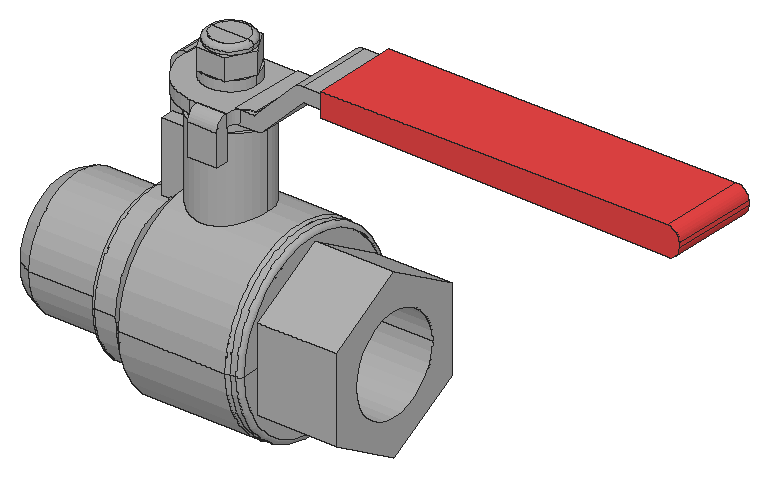
Revit family "QA05210000", category Apparecchi idraulici, Revit 2016
Family settings
  Tipo di parte = Normale
  Quota connettore circolare = Usa diametro
  Numero OmniClass = 23.45.00.00
  Titolo OmniClass = Sanitary, Laundry, and Cleaning Equipment
  Basato su piano di lavoro = No
  Sempre verticale = Sì
  Taglio con vuoti quando caricato = No
  Condiviso = No
  Punto di calcolo locali = No
Parameters
  URL = "https://web.cimberio.it/index.php/figura/1756?subcategoria_id=42417"
  DN Model [instance] = QA05211020 : QA05211020
  DN [instance] = 20 mm
Reference planes
  plane 1 "Centro (Fronte/Retro)": y = 0
  plane 2: z = 0
  plane 3 "Centro (Sinistra/Destra)": x = 0
Dimensions and locks
  aligned and locked: level to plane 2
Nested families
  nested 1: "QA05211020" at (0, 0, 0), type <- "DN Model", type "QA05211020"
  nested 2: "QA05211020" at (0, 0, 0), type <- "DN Model", type "QA05211020"
  nested 3: "QA05211020" at (0, 0, 0), type <- "DN Model", type "QA05211020"
Connectors
  piping at (23.501, 0, 0.117), diameter 20, driven by "DN"
    settings: on nested 1, index 1, connector inside diameter 609.6 mm, connector length 0 mm, flow factor 0, pipe flow 0.0 L/s, pressure drop 0.0 Pa, fitting loss kfactor 0, connector angle 0.00°, fixture units 0, engagement length 0 mm, angle of deflection 0.00°, flow configuration 0, flow direction 0, fitting loss method 0, system type 7, joint type 0, gender type 0, connector reference index -1, connector utility 0, adjustable connector no, is connector primary yes, connector description ""
  piping at (-23.5, 0, 0), diameter 20, driven by "DN"
    settings: on nested 1, index 2, connector inside diameter 609.6 mm, connector length 0 mm, flow factor 0, pipe flow 0.0 L/s, pressure drop 0.0 Pa, fitting loss kfactor 0, connector angle 0.00°, fixture units 0, engagement length 0 mm, angle of deflection 0.00°, flow configuration 0, flow direction 0, fitting loss method 0, system type 7, joint type 0, gender type 0, connector reference index -1, connector utility 0, adjustable connector no, is connector primary no, connector description ""
Definition of nested family "QA05211020"
  Reference planes
    plane 1 "Centro (Fronte/Retro)": y = 0
    plane 2: z = 0
    plane 3 "Centro (Sinistra/Destra)": x = 0
  Forms (mm)
    Revolve 1, solid
      sketch origin (0, 0, 0) x (1, 0, 0) y (0, 1, 0)
        loop
          line (-16.5, 10) -> (17.6, 10) -> (17.6, 18.25)
          arc (17.6, 18.25) -> (17.307, 18.957) -> (16.6, 19.25) r 1
          line (16.6, 19.25) -> (15.305, 19.25) -> (14.535, 19.5) -> (-7.75, 19.5) -> (-11.25, 16) -> (-15.491, 16)
          arc (-15.491, 16) -> (-16.205, 15.705) -> (-16.5, 14.991) r 1.009
          line (-16.5, 14.991) -> (-16.5, 10)
        axis (-16.5, 0) -> (17.6, 0)
      angle from 0 to 360
    Revolve 2, solid
      sketch origin (0, 0, 0) x (1, 0, 0) y (0, 0, 1)
        loop
          line (0.073, 35.426) -> (0.073, 15.956) -> (7.75, 15.956) -> (7.75, 35.426) -> (0.073, 35.426)
        axis (0.073, 35.426) -> (0.073, 15.956)
      angle from 0 to 360
    Extrusion 3, solid
      sketch origin (0, 0, 0) x (1, 0, 0) y (0, 0, 1)
        loop
          line (-7.303, 30.217) -> (-13.189, 30.217) -> (-13.189, 14.888) -> (-7.303, 14.888) -> (-7.303, 30.217)
      from -1.5 to 1.5
    Revolve 4, solid
      sketch origin (0, 0, 11.406) x (1, 0, 0) y (0, 0, 1)
        loop
          line (0, 28.3) -> (-7, 28.3) -> (-7, 24.029) -> (0, 24.029) -> (0, 28.3)
        axis (0, 28.3) -> (0, 24.029)
      angle from 0 to 360
    Extrusion 5, solid
      sketch origin (0, 0, 39.956) x (1, 0, 0) y (0, 1, 0)
        loop
          arc (-10.218, 0) -> (-9.888, -2.046) -> (-9, -3.919) r 7.362
          arc (-9, -3.919) -> (-5.401, -8.443) -> (0, -10.505) r 10.951
          line (0, -10.505) -> (7.623, -10.505)
          arc (7.623, -10.505) -> (8.476, -7.94) -> (11.01, -7) r 3.125
          line (11.01, -7) -> (11.01, 7.6) -> (-10.218, 7.6) -> (-10.218, 0)
      from -0.347 to 2.25
    Extrusion 6, solid
      sketch origin (-1.25, 0, 11.406) x (1, 0, 0) y (0, 0, 1)
        loop
          arc (-9, 30.8) -> (-9.619, 30.745) -> (-10.218, 30.581) r 3.5
          arc (-10.218, 30.581) -> (-11.874, 29.298) -> (-12.5, 27.3) r 3.5
          line (-12.5, 27.3) -> (-12.5, 16.311) -> (-10, 16.311) -> (-10, 27.3)
          arc (-10, 27.3) -> (-9.707, 28.007) -> (-9, 28.3) r 1
          line (-9, 28.3) -> (-9, 30.8)
      from -7.6 to -1.6
    Extrusion 7, solid
      sketch origin (-11, 0, 11.406) x (0, 0, 1) y (0, 1, 0)
        loop
          line (30.8, -10.505) -> (21.834, -10.505) -> (21.834, -13.05) -> (28.254, -13.05)
          arc (28.254, -13.05) -> (30.054, -12.305) -> (30.8, -10.505) r 2.546
      from -18.6 to -12.6
    Extrusion 8, solid
      sketch origin (0, 0, 39.956) x (1, 0, 0) y (0, 1, 0)
        loop
          circle (0, 0) r 5.5
      from 2.25 to 4.25
    Extrusion 9, solid
      sketch origin (0, 0, 39.956) x (1, 0, 0) y (0, 1, 0)
        loop
          line (5.767, 0) -> (2.884, 4.994) -> (-2.884, 4.994) -> (-5.767, 0) -> (-2.884, -4.994) -> (2.884, -4.994) -> (5.767, 0)
      from 4.25 to 8.75
    Revolve 10, solid
      sketch origin (0, 0, 11.406) x (1, 0, 0) y (0, 0, 1)
        loop
          line (0, 38.8) -> (0, 36.811) -> (4.75, 36.811) -> (4.75, 37.8)
          arc (4.75, 37.8) -> (4.457, 38.507) -> (3.75, 38.8) r 1
          line (3.75, 38.8) -> (0, 38.8)
        axis (0, 38.8) -> (0, 36.811)
      angle from 0 to 360
    Extrusion 11, solid
      sketch origin (0, 0, 0.625) x (1, 0, 0) y (0, 0, 1)
        loop
          line (101.024, 48.588) -> (101.024, 49.6)
          arc (101.024, 49.6) -> (100.286, 51.374) -> (98.507, 52.1) r 2.5
          line (98.507, 52.1) -> (26.024, 51.594) -> (26.024, 46.594) -> (98.526, 46.089)
          arc (98.526, 46.089) -> (100.293, 46.821) -> (101.024, 48.588) r 2.499
      from -9 to 9
    Revolve 12, solid
      sketch origin (0, 0, 0) x (1, 0, 0) y (0, 1, 0)
        loop
          line (-34.5, 10) -> (-16.5, 10) -> (-16.5, 13.11) -> (-31.57, 13.11) -> (-34.5, 11.682) -> (-34.5, 10)
        axis (-34.5, 0) -> (-16.5, 0)
      angle from 0 to 360
    Extrusion 13, solid
      sketch origin (0, 0, 0) x (1, 0, 0) y (0, 0, 1)
        loop
          line (19.648, 50.34) -> (11.515, 42.206) -> (7.623, 42.206) -> (7.623, 39.219) -> (11.525, 39.219)
          arc (11.525, 39.219) -> (12.676, 39.447) -> (13.65, 40.099) r 3
          line (13.65, 40.099) -> (21.77, 48.219) -> (26.024, 48.219) -> (26.024, 51.219) -> (21.773, 51.219)
          arc (21.773, 51.219) -> (20.623, 50.991) -> (19.648, 50.34) r 3
      from -8 to 8
    Extrusion 14, solid
      sketch origin (0, 0, 0) x (0, 1, 0) y (0, 0, 1)
        loop
          circle (0, 0) r 10
        loop
          line (0, 17.35) -> (-15.026, 8.675) -> (-15.026, -8.675) -> (0, -17.35) -> (15.026, -8.675) -> (15.026, 8.675) -> (0, 17.35)
      from 17.6 to 34.227
  Dimensions and locks
    aligned and locked: level to plane 2
